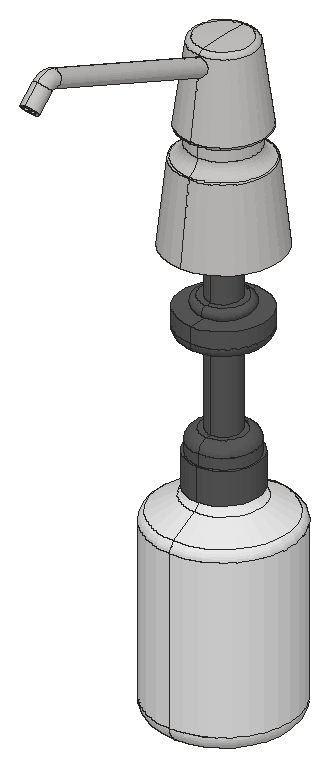
Revit family
Parameters (values of type "B-82316")
  Width = 2 9/16"
  Warranty Information = "3 Year Limited Warranty"
  URL = "http://www.bobrick.com/"
  Specification = "Top-fill counter-mounted manual foam soap dispenser shall dispense 7ml of foam using 0.5ml of commercially marketed foam soaps. Cover shall be constructed of durable die-cast zinc with bright polish finish. Spout assembly shall be type-304 stainless steel with bright polished finish. Dispenser shall be equipped with integrated funnel to facilitate re-filling of soap. Spout shall rotate 360° without damage to valve mechanism. Valve shall be operable with one hand and with less than 5 pounds of force (22.2 N) to comply with accessible design (including ADAAG in U.S.A.). Escutcheon shall lock to body with concealed locking mechanism that is opened with special key provided. Foam Dispensing assembly shall be removable from top for filling and maintenance. Shank shall accommodate mounting thicknesses up to 3'' (76mm). Translucent, shatter-resistant polyethylene container shall have a capacity of 20-fl oz (0.6-L)."
  Product Page URL = "http://www.bobrick.com/washroomaccessories/Pages/Products.aspx?Category%3dCounter-Mounted+Soap+Dispensers"
  Price = "Prices may vary. Please consult Manufacturer Representative for most up-to-date price list."  # constant formula
  Model = "B-82316"
  Material = "Stainless Steel-Bobrick-Polished"
  Manufacturer = "Bobrick Washroom Equipment, Inc"
  Length = 6"
  Installation Type = "Counter-Mounted"
  Height = 6 1/16"
  Description = "Bobrick Top-Fill Counter-Mounted Manual Foam Soap Dispenser"
  Default Elevation = 0"
  Creation Date = "1/12/2015"  # constant formula
  Assembly Code = "C1030210"
  ADA Compliant = yes
Reference planes (in)
  plane 1 "Center (Front/Back)": y = 0
  plane 2: z = 0
  plane 3 "Center (Left/Right)": x = 0
  plane 4: z = 4.5
  plane 5: y = -6
  plane 6: z = -10.1875
  plane 7: z = -3
  plane 8: y = -1.28125
  plane 9: y = 1.28125
  plane 10: z = -4
  plane 11: z = 6.0625
  plane 12: y = -1.625
  plane 13: y = 1.625
Forms (in)
  Revolve 1, solid, material "ABS Plastic-Bobrick-White"
    sketch origin (0, 0, 0) x (0, 1, 0) y (0, 0, 1)
      loop
        line (0, -10.1875) -> (1.25, -10.1875)
        arc (1.25, -10.1875) -> (1.51517, -10.07767) -> (1.625, -9.8125) r 0.375
        line (1.625, -9.8125) -> (1.625, -6.02555)
        arc (1.625, -6.02555) -> (1.59151, -5.90055) -> (1.5, -5.80904) r 0.25
        line (1.5, -5.80904) -> (0.87682, -5.44925)
        arc (0.87682, -5.44925) -> (0.76775, -5.36332) -> (0.6875, -5.25) r 0.48489
        line (0.6875, -5.25) -> (0.8125, -5.25) -> (0.8125, -4.5) -> (0.75, -4.5) -> (0.75, -4.25)
        arc (0.75, -4.25) -> (0.67678, -4.07322) -> (0.5, -4) r 0.25
        line (0.5, -4) -> (0.375, -4) -> (0.375, -2) -> (0.75, -2)
        arc (0.75, -2) -> (0.92678, -1.92678) -> (1, -1.75) r 0.25
        line (1, -1.75) -> (1, -1.375) -> (0.5253, -1.375)
        arc (0.5253, -1.375) -> (0.6503, -1.25) -> (0.5253, -1.125) r 0.125
        line (0.5253, -1.125) -> (0.375, -1.125) -> (0.375, 0) -> (0, 0) -> (0, -10.1875)
      axis (0, -10.1875) -> (0, 0)
    angle from 0 to 360
  Sweep 2, solid, material "Stainless Steel-Bobrick-Polished"
    path origin (0, 0.08781, -0.09162) x (0, 1, 0) y (0, 0, 1)
      loop
        line (-0.08781, 4.16054) -> (-5.1946, 6.12085)
        arc (-5.1946, 6.12085) -> (-5.46278, 6.1455) -> (-5.70431, 6.02639) r 0.49607
        line (-5.70431, 6.02639) -> (-6.08781, 5.68108)
    profile origin (0, -2.55339, 5.04908) x (0, -0.358368, -0.93358) y (1, 0, 0)
      loop
        circle (0.2, 0) r 0.2
      loop
        circle (0.2, 0) r 0.16875
  Revolve 3, solid, material "Stainless Steel-Bobrick-Polished"
    sketch origin (0, 0, 0) x (0, 1, 0) y (0, 0, 1)
      loop
        line (0, 0) -> (1.28125, 0) -> (1.06516, 1.84662)
        arc (1.06516, 1.84662) -> (1.05652, 1.86478) -> (1.0386, 1.87392) r 0.03125
        arc (1.0386, 1.87392) -> (0.8469, 1.9788) -> (0.77059, 2.18357) r 0.31289
        line (0.77059, 2.18357) -> (0.77059, 2.66749) -> (0.94727, 2.5625)
        arc (0.94727, 2.5625) -> (0.97085, 2.57325) -> (0.97822, 2.5981) r 0.03125
        line (0.97822, 2.5981) -> (0.72938, 4.36864)
        arc (0.72938, 4.36864) -> (0.69145, 4.4421) -> (0.61595, 4.47581) r 0.125
        arc (0.61595, 4.47581) -> (0.30824, 4.49494) -> (0, 4.50121) r 7.38964
        line (0, 4.50121) -> (0, 0)
      axis (0, 4.50121) -> (0, 0)
    angle from 0 to 360
Cuts and joins
  joined: Sweep 2, Revolve 3
Lines and regions (in)
  Masking region 1
    outline origin (0, 0, 0) x (0, 1, 0) y (0, 0, 1)
      loop
        line (0.375, 0) -> (1.28125, 0) -> (1.06516, 1.84662)
        arc (1.06516, 1.84662) -> (1.05652, 1.86478) -> (1.0386, 1.87392) r 0.03125
        arc (1.0386, 1.87392) -> (0.8469, 1.9788) -> (0.77059, 2.18357) r 0.31289
        line (0.77059, 2.18357) -> (0.77059, 2.5625) -> (0.94727, 2.5625)
        arc (0.94727, 2.5625) -> (0.97085, 2.57325) -> (0.97822, 2.5981) r 0.03125
        line (0.97822, 2.5981) -> (0.72938, 4.36864)
        arc (0.72938, 4.36864) -> (0.69145, 4.4421) -> (0.61595, 4.47581) r 0.125
        arc (0.61595, 4.47581) -> (0.00629, 4.50121) -> (-0.60339, 4.47622) r 7.38964
        arc (-0.60339, 4.47622) -> (-0.69387, 4.43975) -> (-0.73058, 4.34937) r 0.125
        line (-0.73058, 4.34937) -> (-5.10681, 6.02925)
        arc (-5.10681, 6.02925) -> (-5.37497, 6.05389) -> (-5.61648, 5.93479) r 0.49603
        line (-5.61648, 5.93479) -> (-6, 5.58946) -> (-5.73235, 5.29221) -> (-5.34897, 5.6374)
        arc (-5.34897, 5.6374) -> (-5.30206, 5.66053) -> (-5.24998, 5.65575) r 0.09634
        line (-5.24998, 5.65575) -> (-0.78915, 3.94339) -> (-0.97822, 2.5981)
        arc (-0.97822, 2.5981) -> (-0.97085, 2.57325) -> (-0.94727, 2.5625) r 0.03125
        line (-0.94727, 2.5625) -> (-0.77059, 2.5625) -> (-0.77059, 2.18357)
        arc (-0.77059, 2.18357) -> (-0.8469, 1.9788) -> (-1.0386, 1.87392) r 0.31289
        arc (-1.0386, 1.87392) -> (-1.05652, 1.86478) -> (-1.06516, 1.84662) r 0.03125
        line (-1.06516, 1.84662) -> (-1.28125, 0) -> (-0.375, 0) -> (-0.375, -1.125) -> (-0.5253, -1.125)
        arc (-0.5253, -1.125) -> (-0.6503, -1.25) -> (-0.5253, -1.375) r 0.125
        line (-0.5253, -1.375) -> (-1, -1.375) -> (-1, -1.75)
        arc (-1, -1.75) -> (-0.92678, -1.92678) -> (-0.75, -2) r 0.25
        line (-0.75, -2) -> (-0.375, -2) -> (-0.375, -4) -> (-0.5, -4)
        arc (-0.5, -4) -> (-0.67678, -4.07322) -> (-0.75, -4.25) r 0.25
        line (-0.75, -4.25) -> (-0.75, -4.5) -> (-0.8125, -4.5) -> (-0.8125, -5.25) -> (-0.6875, -5.25)
        arc (-0.6875, -5.25) -> (-0.76775, -5.36332) -> (-0.87682, -5.44925) r 0.48489
        line (-0.87682, -5.44925) -> (-1.5, -5.80904)
        arc (-1.5, -5.80904) -> (-1.59151, -5.90055) -> (-1.625, -6.02555) r 0.25
        line (-1.625, -6.02555) -> (-1.625, -9.8125)
        arc (-1.625, -9.8125) -> (-1.51517, -10.07767) -> (-1.25, -10.1875) r 0.375
        line (-1.25, -10.1875) -> (1.25, -10.1875)
        arc (1.25, -10.1875) -> (1.51517, -10.07767) -> (1.625, -9.8125) r 0.375
        line (1.625, -9.8125) -> (1.625, -6.02555)
        arc (1.625, -6.02555) -> (1.59151, -5.90055) -> (1.5, -5.80904) r 0.25
        line (1.5, -5.80904) -> (0.87682, -5.44925)
        arc (0.87682, -5.44925) -> (0.76775, -5.36332) -> (0.6875, -5.25) r 0.48489
        line (0.6875, -5.25) -> (0.8125, -5.25) -> (0.8125, -4.5) -> (0.75, -4.5) -> (0.75, -4.25)
        arc (0.75, -4.25) -> (0.67678, -4.07322) -> (0.5, -4) r 0.25
        line (0.5, -4) -> (0.375, -4) -> (0.375, -2) -> (0.75, -2)
        arc (0.75, -2) -> (0.92678, -1.92678) -> (1, -1.75) r 0.25
        line (1, -1.75) -> (1, -1.375) -> (0.5253, -1.375)
        arc (0.5253, -1.375) -> (0.6503, -1.25) -> (0.5253, -1.125) r 0.125
        line (0.5253, -1.125) -> (0.375, -1.125) -> (0.375, 0)
  Masking region 2
    outline origin (0, 0, 0) x (1, 0, 0) y (0, 1, 0)
      loop
        line (-0.2, -1.26554) -> (-0.2, -5.86617)
        spline (-0.2, -5.86617) -> (-0.19319, -5.90081) -> (-0.17321, -5.93309) -> (-0.14142, -5.9608) -> (-0.1, -5.98207) -> (-0.05176, -5.99544) -> (0, -6) -> (0.05176, -5.99544) -> (0.1, -5.98207) -> (0.14142, -5.9608) -> (0.17321, -5.93309) -> (0.19319, -5.90081) -> (0.2, -5.86617)
        line (0.2, -5.86617) -> (0.2, -1.26554)
        arc (0.2, -1.26554) -> (0, 1.28125) -> (-0.2, -1.26554) r 1.28125
  Masking region 3
    outline origin (0, 0, 0) x (1, 0, 0) y (0, 0, 1)
      loop
        arc (1.28125, -10.1875) -> (1.54642, -10.07767) -> (1.65625, -9.8125) r 0.375
        line (1.65625, -9.8125) -> (1.65625, -6.04359)
        arc (1.65625, -6.04359) -> (1.62276, -5.91859) -> (1.53125, -5.82709) r 0.25
        line (1.53125, -5.82709) -> (0.87682, -5.44925)
        arc (0.87682, -5.44925) -> (0.76775, -5.36332) -> (0.6875, -5.25) r 0.48489
        line (0.6875, -5.25) -> (0.8125, -5.25) -> (0.8125, -4.5) -> (0.75, -4.5) -> (0.75, -4.25)
        arc (0.75, -4.25) -> (0.67678, -4.07322) -> (0.5, -4) r 0.25
        line (0.5, -4) -> (0.375, -4) -> (0.375, -2) -> (0.75, -2)
        arc (0.75, -2) -> (0.92678, -1.92678) -> (1, -1.75) r 0.25
        line (1, -1.75) -> (1, -1.375) -> (0.5253, -1.375)
        arc (0.5253, -1.375) -> (0.6503, -1.25) -> (0.5253, -1.125) r 0.125
        line (0.5253, -1.125) -> (0.375, -1.125) -> (0.375, 0) -> (1.28125, 0) -> (1.06516, 1.84662)
        arc (1.06516, 1.84662) -> (1.05652, 1.86478) -> (1.0386, 1.87392) r 0.03125
        arc (1.0386, 1.87392) -> (0.8469, 1.9788) -> (0.77059, 2.18357) r 0.31289
        line (0.77059, 2.18357) -> (0.77059, 2.5625) -> (0.94727, 2.5625)
        arc (0.94727, 2.5625) -> (0.97085, 2.57325) -> (0.97822, 2.5981) r 0.03125
        line (0.97822, 2.5981) -> (0.80667, 3.8187) -> (0.72938, 4.36864)
        arc (0.72938, 4.36864) -> (0.68677, 4.4463) -> (0.60339, 4.47622) r 0.125
        arc (0.60339, 4.47622) -> (0.40185, 4.49007) -> (0.2, 4.4984) r 7.38964
        line (0.2, 4.4984) -> (0.2, 5.8625)
        arc (0.2, 5.8625) -> (0, 6.0625) -> (-0.2, 5.8625) r 0.2
        line (-0.2, 5.8625) -> (-0.2, 4.64357) -> (-0.2, 4.49861)
        arc (-0.2, 4.49861) -> (-0.40814, 4.49014) -> (-0.61595, 4.47581) r 7.38964
        arc (-0.61595, 4.47581) -> (-0.69145, 4.4421) -> (-0.72938, 4.36864) r 0.125
        line (-0.72938, 4.36864) -> (-0.97822, 2.5981)
        arc (-0.97822, 2.5981) -> (-0.97085, 2.57325) -> (-0.94727, 2.5625) r 0.03125
        line (-0.94727, 2.5625) -> (-0.77059, 2.5625) -> (-0.77059, 2.18357)
        arc (-0.77059, 2.18357) -> (-0.8469, 1.9788) -> (-1.0386, 1.87392) r 0.31289
        arc (-1.0386, 1.87392) -> (-1.05652, 1.86478) -> (-1.06516, 1.84662) r 0.03125
        line (-1.06516, 1.84662) -> (-1.28125, 0) -> (-0.375, 0) -> (-0.375, -1.125) -> (-0.5253, -1.125)
        arc (-0.5253, -1.125) -> (-0.6503, -1.25) -> (-0.5253, -1.375) r 0.125
        line (-0.5253, -1.375) -> (-1, -1.375) -> (-1, -1.75)
        arc (-1, -1.75) -> (-0.92678, -1.92678) -> (-0.75, -2) r 0.25
        line (-0.75, -2) -> (-0.375, -2) -> (-0.375, -4) -> (-0.5, -4)
        arc (-0.5, -4) -> (-0.67678, -4.07322) -> (-0.75, -4.25) r 0.25
        line (-0.75, -4.25) -> (-0.75, -4.5) -> (-0.8125, -4.5) -> (-0.8125, -5.25) -> (-0.6875, -5.25)
        arc (-0.6875, -5.25) -> (-0.76775, -5.36332) -> (-0.87682, -5.44925) r 0.48489
        line (-0.87682, -5.44925) -> (-1.53125, -5.82709)
        arc (-1.53125, -5.82709) -> (-1.62276, -5.91859) -> (-1.65625, -6.04359) r 0.25
        line (-1.65625, -6.04359) -> (-1.65625, -9.8125)
        arc (-1.65625, -9.8125) -> (-1.54642, -10.07767) -> (-1.28125, -10.1875) r 0.375
        line (-1.28125, -10.1875) -> (1.28125, -10.1875)
  symbolic lines, detail levels medium+fine
    curve 1: line (0, 0.77059, 2.5625) -> (0, -0.77059, 2.5625)
    curve 2: line (0, 0.375, 0) -> (0, -0.375, 0)
    curve 3: arc (0, -0.73058, 4.34937) -> (0, -0.71062, 4.13646) -> (0, -0.7885, 3.9373) r 0.46286
    curve 4: line (0, 0.5253, -1.375) -> (0, -0.5253, -1.375)
    curve 5: line (0, 0.375, -2) -> (0, -0.343, -2)
    curve 6: line (0, 0.4375, -4) -> (0, -0.40625, -4)
    curve 7: line (0, -0.6875, -5.25) -> (0, 0.6875, -5.25)
    curve 35: line (-0.2, -1.26554, 0) -> (-0.2, -0.72284, 0)
    curve 36: line (0.2, -1.26554, 0) -> (0.2, -0.72284, 0)
    curve 37: circle (0, 0, 0) r 0.75 normal (0, 0, 1)
    curve 38: spline (-0.2, 0, 5.44083) -> (-0.19319, 0, 5.40237) -> (-0.17321, 0, 5.36652) -> (-0.14142, 0, 5.33574) -> (-0.1, 0, 5.31212) -> (-0.05176, 0, 5.29727) -> (0, 0, 5.29221) -> (0.05176, 0, 5.29727) -> (0.1, 0, 5.31212) -> (0.14142, 0, 5.33574) -> (0.17321, 0, 5.36652) -> (0.19319, 0, 5.40237) -> (0.2, 0, 5.44083) -> (0.19319, 0, 5.4793) -> (0.17321, 0, 5.51515) -> (0.14142, 0, 5.54593) -> (0.1, 0, 5.56955) -> (0.05176, 0, 5.5844) -> (0, 0, 5.58946) -> (-0.05176, 0, 5.5844) -> (-0.1, 0, 5.56955) -> (-0.14142, 0, 5.54593) -> (-0.17321, 0, 5.51515) -> (-0.19319, 0, 5.4793) -> (-0.2, 0, 5.44083)
    curve 39: spline (-0.16875, 0, 5.44083) -> (-0.163, 0, 5.47329) -> (-0.14614, 0, 5.50354) -> (-0.11932, 0, 5.52951) -> (-0.08437, 0, 5.54944) -> (-0.04368, 0, 5.56197) -> (0, 0, 5.56624) -> (0.04368, 0, 5.56197) -> (0.08438, 0, 5.54944) -> (0.11932, 0, 5.52951) -> (0.14614, 0, 5.50354) -> (0.163, 0, 5.47329) -> (0.16875, 0, 5.44083) -> (0.163, 0, 5.40838) -> (0.14614, 0, 5.37813) -> (0.11932, 0, 5.35216) -> (0.08438, 0, 5.33223) -> (0.04368, 0, 5.3197) -> (0, 0, 5.31543) -> (-0.04368, 0, 5.3197) -> (-0.08437, 0, 5.33223) -> (-0.11932, 0, 5.35216) -> (-0.14614, 0, 5.37813) -> (-0.163, 0, 5.40838) -> (-0.16875, 0, 5.44083)
    curve 40: line (-0.19999, 0, 4.49869) -> (-0.19999, 0, 4.13612)
    curve 41: line (0.19999, 0, 4.49869) -> (0.19999, 0, 4.13612)
    curve 42: arc (-0.19999, 0, 4.13612) -> (0, 0, 3.93613) -> (0.19999, 0, 4.13612) r 0.19999
    curve 43: line (-0.77059, 0, 2.5625) -> (0.77059, 0, 2.5625)
    curve 44: line (-0.375, 0, 0) -> (0.375, 0, 0)
    curve 45: line (-0.5253, 0, -1.375) -> (0.5253, 0, -1.375)
    curve 46: line (0.375, 0, -2) -> (-0.375, 0, -2)
    curve 47: line (-0.40625, 0, -4) -> (0.40625, 0, -4)
    curve 48: line (-0.6875, 0, -5.25) -> (0.6875, 0, -5.25)
  symbolic lines, detail levels fine
    curve 8: line (0, 0.75, -4.5) -> (0, 0.4375, -4.5)
    curve 9: line (0, 0.375, -1.125) -> (0, -0.375, -1.125)
    curve 10: line (0, 1.0386, 1.87392) -> (0, -1.0386, 1.87392)
    curve 11: line (0, 0.625, -1.75) -> (0, 0.625, -1.40625)
    curve 12: arc (0, 0.375, -2) -> (0, 0.55178, -1.92678) -> (0, 0.625, -1.75) r 0.25
    curve 13: line (0, 0.593, -1.75) -> (0, 0.593, -1.40625)
    curve 14: arc (0, 0.343, -2) -> (0, 0.51978, -1.92678) -> (0, 0.593, -1.75) r 0.25
    curve 15: line (0, -0.625, -1.75) -> (0, -0.625, -1.40625)
    curve 16: line (0, -0.593, -1.75) -> (0, -0.593, -1.40625)
    curve 17: arc (0, -0.343, -2) -> (0, -0.51978, -1.92678) -> (0, -0.593, -1.75) r 0.25
    curve 18: arc (0, -0.375, -2) -> (0, -0.55178, -1.92678) -> (0, -0.625, -1.75) r 0.25
    curve 19: line (0, 0.01637, -2) -> (0, 0.01637, -1.40625)
    curve 20: line (0, -0.01563, -2) -> (0, -0.01563, -1.40625)
    curve 21: line (0, 1, -1.40625) -> (0, 0.625, -1.40625)
    curve 22: line (0, 0.4375, -4) -> (0, 0.4375, -4.5)
    curve 23: line (0, 0.40625, -4) -> (0, 0.40625, -4.5)
    curve 24: line (0, -0.4375, -4) -> (0, -0.4375, -4.5)
    curve 25: line (0, -0.40625, -4) -> (0, -0.40625, -4.5)
    curve 26: line (0, -0.0161, -4) -> (0, -0.0161, -4.5)
    curve 27: line (0, 0.01515, -4) -> (0, 0.01515, -4.5)
    curve 28: line (0, 0.40625, -4.5) -> (0, 0.01515, -4.5)
    curve 29: line (0, -0.0161, -4.5) -> (0, -0.40625, -4.5)
    curve 30: line (0, -0.4375, -4.5) -> (0, -0.75, -4.5)
    curve 31: line (0, 0.593, -1.40625) -> (0, 0.01637, -1.40625)
    curve 32: line (0, -0.01563, -1.40625) -> (0, -0.593, -1.40625)
    curve 33: line (0, -0.625, -1.40625) -> (0, -1, -1.40625)
    curve 34: arc (0.2, -0.9798, 0) -> (0, 1, 0) -> (-0.2, -0.9798, 0) r 1
    curve 49: line (-0.75, 0, -4.5) -> (-0.43825, 0, -4.5)
    curve 50: line (-1.0386, 0, 1.87392) -> (1.0386, 0, 1.87392)
    curve 51: line (-0.375, 0, -1.125) -> (0.375, 0, -1.125)
    curve 52: line (1, 0, -1.40625) -> (0.625, 0, -1.40625)
    curve 53: line (-0.625, 0, -1.40625) -> (-0.625, 0, -1.75)
    curve 54: arc (-0.625, 0, -1.75) -> (-0.55178, 0, -1.92678) -> (-0.375, 0, -2) r 0.25
    curve 55: line (-0.5927, 0, -1.40625) -> (-0.5927, 0, -1.75)
    curve 56: arc (-0.5927, 0, -1.75) -> (-0.51948, 0, -1.92678) -> (-0.3427, 0, -2) r 0.25
    curve 57: line (0.625, 0, -1.40625) -> (0.625, 0, -1.75)
    curve 58: arc (0.625, 0, -1.75) -> (0.55178, 0, -1.92678) -> (0.375, 0, -2) r 0.25
    curve 59: line (0.593, 0, -1.40625) -> (0.593, 0, -1.75)
    curve 60: arc (0.593, 0, -1.75) -> (0.51978, 0, -1.92678) -> (0.343, 0, -2) r 0.25
    curve 61: line (0.01552, 0, -1.40625) -> (0.01552, 0, -2)
    curve 62: line (-0.01648, 0, -1.40625) -> (-0.01648, 0, -2)
    curve 63: line (-0.625, 0, -1.40625) -> (-1, 0, -1.40625)
    curve 64: line (-0.01648, 0, -1.40625) -> (-0.5927, 0, -1.40625)
    curve 65: line (0.593, 0, -1.40625) -> (0.01552, 0, -1.40625)
    curve 66: line (0.01552, 0, -4) -> (0.01552, 0, -4.5)
    curve 67: line (-0.01648, 0, -4) -> (-0.01648, 0, -4.5)
    curve 68: line (-0.40625, 0, -4) -> (-0.40625, 0, -4.5)
    curve 69: line (-0.43825, 0, -4) -> (-0.43825, 0, -4.5)
    curve 70: line (0.40625, 0, -4) -> (0.40625, 0, -4.5)
    curve 71: line (0.43825, 0, -4) -> (0.43825, 0, -4.5)
    curve 72: line (-0.40625, 0, -4.5) -> (-0.01648, 0, -4.5)
    curve 73: line (0.01552, 0, -4.5) -> (0.40625, 0, -4.5)
    curve 74: line (0.43825, 0, -4.5) -> (0.75, 0, -4.5)
Dimensions and locks (in)
  "Length": plane 1 "Center (Front/Back)" to plane 5
  plane 4 to level to plane 6 = 4 1/2", 10 3/16"
  plane 6 to plane 10 = 6 3/16"
  "Width": plane 9 to plane 8
  "Height": plane 11 to level
  plane 13 to plane 12 = 3 1/4"
  aligned and locked: plane 5 to Sweep 2 sketch curve
Automatic sketch dimensions
  Revolve 1 sketch curve to plane 1 "Center (Front/Back)" = 0"  (x2)
  Revolve 1 sketch curve to plane 10 = 0"
  Revolve 1 sketch curve to level = 0"
  plane 6 to Revolve 1 sketch curve = 0"
  Revolve 1 sketch curve to plane 9 = 1/32"
  Revolve 1 sketch curve to plane 1 "Center (Front/Back)" = 3/8"  (x2)
  Revolve 1 sketch curve to Revolve 1 sketch curve = 1/8"  (x3)
  Revolve 1 sketch curve to Revolve 1 sketch curve = 0.1503"
  Revolve 1 sketch curve to Revolve 1 sketch curve = 0"  (x2)
  Revolve 1 sketch curve to plane 9 = 19/32"
  Revolve 1 sketch curve to Revolve 1 sketch curve = 1/4"  (x3)
  Revolve 1 sketch curve to Revolve 1 sketch curve = 3/8"  (x2)
  Revolve 1 sketch curve to Revolve 1 sketch curve = 0.06432"
  Revolve 1 sketch curve to plane 9 = 9/32"
  Revolve 1 sketch curve to plane 9 = 0.16199"
  plane 9 to Revolve 1 sketch curve = 3/32"
  Revolve 1 sketch curve to Revolve 1 sketch curve = 1.77555"
  Revolve 1 sketch curve to Revolve 1 sketch curve = 0.35979"
  Revolve 1 sketch curve to Revolve 1 sketch curve = 0.19925"
  plane 10 to Revolve 1 sketch curve = 0.39154"
  Revolve 1 sketch curve to plane 7 = 1"
  Sweep 2 sketch curve to Sweep 2 sketch curve = 0"  (x2)
  Sweep 2 sketch curve to plane 3 "Center (Left/Right)" = 0"
  Sweep 2 sketch curve to profile plane = 0.2"
  curve 24 to plane 10 = 0"
  curve 6 to plane 10 = 0"
  curve 2 to level = 0"
  curve 3 to plane 8 = 0.11227"
  curve 10 to plane 8 = 0.24265"
  curve 33 to plane 8 = 9/32"
  curve 3 to curve 3 = 0.38048"
  curve 1 to plane 8 = 0.51066"
  curve 30 to plane 8 = 17/32"
  curve 3 to plane 4 = 0.15063"
  curve 3 to curve 3 = 0.05791"
  curve 7 to plane 8 = 19/32"
  curve 33 to curve 18 = 3/8"
  curve 15 to curve 32 = 0.032"
  curve 16 to curve 4 = 0.0677"
  curve 30 to curve 30 = 5/16"
  curve 24 to curve 6 = 1/32"
  curve 16 to curve 18 = 0.218"
  plane 1 "Center (Front/Back)" to curve 2 = 3/8"
  curve 4 to curve 9 = 0.1503"
  curve 18 to curve 5 = 0.032"
  curve 18 to curve 17 = 0.032"
  plane 1 "Center (Front/Back)" to curve 26 = 0.0161"
  plane 1 "Center (Front/Back)" to curve 32 = 1/64"
  curve 28 to plane 1 "Center (Front/Back)" = 0.01515"
  curve 19 to plane 1 "Center (Front/Back)" = 0.01637"
  curve 19 to curve 14 = 0.32662"
  curve 9 to plane 1 "Center (Front/Back)" = 3/8"
  curve 14 to curve 12 = 0.032"
  curve 2 to plane 1 "Center (Front/Back)" = 3/8"
  curve 27 to curve 28 = 0.3911"
  curve 23 to curve 6 = 1/32"
  curve 9 to curve 4 = 0.1503"
  curve 4 to curve 13 = 0.0677"
  curve 13 to curve 11 = 0.032"
  curve 7 to plane 9 = 19/32"
  curve 8 to curve 8 = 5/16"
  curve 1 to plane 9 = 0.51066"
  curve 21 to plane 9 = 9/32"
  curve 10 to plane 9 = 0.24265"
  curve 8 to plane 10 = 1/2"
  curve 30 to plane 10 = 1/2"
  curve 24 to curve 29 = 0"
  curve 23 to curve 8 = 0"
  curve 7 to curve 8 = 3/4"
  curve 5 to plane 7 = 1"
  curve 18 to curve 5 = 0"
  curve 11 to curve 21 = 11/32"
  curve 13 to curve 11 = 0"
  curve 18 to curve 33 = 11/32"
  curve 15 to curve 16 = 0"
  curve 16 to curve 4 = 1/32"
  curve 4 to curve 9 = 1/4"
  level to curve 10 = 1.87392"
  curve 10 to curve 1 = 0.68858"
  curve 3 to curve 3 = 0.41207"
  plane 1 "Center (Front/Back)" to Masking region 2 sketch curve = 0"
  Masking region 2 sketch curve to plane 3 "Center (Left/Right)" = 0"
  Masking region 2 sketch curve to Masking region 2 sketch curve = 0.2"
  Masking region 2 sketch curve to plane 8 = 0.01571"
  Masking region 2 sketch curve to Masking region 2 sketch curve = 0"
  Masking region 2 sketch curve to plane 5 = 0.13383"
  curve 34 to curve 37 = 0"  (x2)
  plane 1 "Center (Front/Back)" to curve 37 = 0"
  curve 37 to plane 3 "Center (Left/Right)" = 0"
  curve 35 to plane 3 "Center (Left/Right)" = 0.2"
  curve 36 to plane 8 = 0.55841"
  curve 35 to curve 36 = 0"
  curve 36 to plane 8 = 0.01571"
  curve 35 to plane 8 = 0.01571"
  Revolve 3 sketch curve to level = 0"
  Revolve 3 sketch curve to plane 1 "Center (Front/Back)" = 0"  (x2)
  Revolve 3 sketch curve to plane 9 = 0"
  Revolve 3 sketch curve to plane 1 "Center (Front/Back)" = 0.0038"
  Revolve 3 sketch curve to plane 4 = 0.14876"
  Revolve 3 sketch curve to plane 1 "Center (Front/Back)" = 0.6056"
  Revolve 3 sketch curve to plane 4 = 0.02419"
  Revolve 3 sketch curve to Revolve 3 sketch curve = 0.01035"
  Revolve 3 sketch curve to Revolve 3 sketch curve = 0"  (x2)
  Revolve 3 sketch curve to plane 4 = 0.13136"
  Revolve 3 sketch curve to plane 9 = 0.51066"
  Revolve 3 sketch curve to Revolve 3 sketch curve = 0.17668"
  Revolve 3 sketch curve to Revolve 3 sketch curve = 0.03095"
  Revolve 3 sketch curve to plane 9 = 0.24713"
  Revolve 3 sketch curve to Revolve 3 sketch curve = 0.00448"
  Revolve 3 sketch curve to Revolve 3 sketch curve = 0.03104"
  Revolve 3 sketch curve to plane 9 = 0.19778"
  level to Revolve 3 sketch curve = 1.84299"
  Revolve 3 sketch curve to Revolve 3 sketch curve = 0.37893"
  Revolve 3 sketch curve to Revolve 3 sketch curve = 1/32"
  Revolve 3 sketch curve to Revolve 3 sketch curve = 0.07374"
  Revolve 3 sketch curve to Revolve 3 sketch curve = 0.59239"
  Revolve 3 sketch curve to Revolve 3 sketch curve = 0.46721"
  Masking region 3 sketch curve to Masking region 3 sketch curve = 0"  (x9)
  Masking region 3 sketch curve to plane 6 = 0"
  Masking region 3 sketch curve to level = 0"  (x2)
  Masking region 3 sketch curve to plane 10 = 0"  (x2)
  Masking region 3 sketch curve to plane 3 "Center (Left/Right)" = 0"
  Masking region 3 sketch curve to plane 3 "Center (Left/Right)" = 0.0038"
  Masking region 3 sketch curve to plane 3 "Center (Left/Right)" = 0.2"
  Masking region 3 sketch curve to plane 3 "Center (Left/Right)" = 3/8"  (x2)
  Masking region 3 sketch curve to Masking region 3 sketch curve = 1/8"  (x9)
  Masking region 3 sketch curve to Masking region 3 sketch curve = 0.1503"  (x2)
  Masking region 3 sketch curve to plane 4 = 0.14876"
  Masking region 3 sketch curve to Masking region 3 sketch curve = 0.4056"
  Masking region 3 sketch curve to plane 4 = 0.02419"
  Masking region 3 sketch curve to Masking region 3 sketch curve = 0.01035"
  Masking region 3 sketch curve to plane 3 "Center (Left/Right)" = 11/16"
  Masking region 3 sketch curve to plane 4 = 0.13136"  (x2)
  Masking region 3 sketch curve to Masking region 3 sketch curve = 1/4"  (x6)
  Masking region 3 sketch curve to Masking region 3 sketch curve = 0.2247"
  Masking region 3 sketch curve to plane 3 "Center (Left/Right)" = 0.77059"
  Masking region 3 sketch curve to Masking region 3 sketch curve = 0.06432"  (x2)
  Masking region 3 sketch curve to Masking region 3 sketch curve = 0.17668"  (x2)
  Masking region 3 sketch curve to Masking region 3 sketch curve = 0.03095"  (x2)
  Masking region 3 sketch curve to Masking region 3 sketch curve = 0.26353"  (x2)
  Masking region 3 sketch curve to Masking region 3 sketch curve = 0.00448"  (x2)
  Masking region 3 sketch curve to Masking region 3 sketch curve = 0.03104"  (x2)
  Masking region 3 sketch curve to Masking region 3 sketch curve = 0.04487"  (x2)
  Masking region 3 sketch curve to Masking region 3 sketch curve = 0.30676"  (x2)
  Masking region 3 sketch curve to Masking region 3 sketch curve = 29/32"  (x2)
  Masking region 3 sketch curve to plane 3 "Center (Left/Right)" = 1 9/32"
  Masking region 3 sketch curve to Masking region 3 sketch curve = 0.52943"  (x2)
  Masking region 3 sketch curve to plane 6 = 3/8"
  plane 3 "Center (Left/Right)" to Masking region 3 sketch curve = 3/8"  (x2)
  Masking region 3 sketch curve to plane 4 = 0.02378"
  Masking region 3 sketch curve to Masking region 3 sketch curve = 0.40339"
  Masking region 3 sketch curve to Masking region 3 sketch curve = 0.00221"
  plane 3 "Center (Left/Right)" to Masking region 3 sketch curve = 11/16"
  Masking region 3 sketch curve to Masking region 3 sketch curve = 0.12378"
  Masking region 3 sketch curve to Masking region 3 sketch curve = 3/8"  (x3)
  plane 3 "Center (Left/Right)" to Masking region 3 sketch curve = 0.77059"
  Masking region 3 sketch curve to Masking region 3 sketch curve = 0.07729"
  plane 3 "Center (Left/Right)" to Masking region 3 sketch curve = 1 9/32"
  Masking region 3 sketch curve to Masking region 3 sketch curve = 1.79359"  (x2)
  Masking region 3 sketch curve to Masking region 3 sketch curve = 0.37784"  (x2)
  Masking region 3 sketch curve to Masking region 3 sketch curve = 0.19925"  (x2)
  Masking region 3 sketch curve to plane 7 = 1"  (x2)
  level to Masking region 3 sketch curve = 1.84299"
  Masking region 3 sketch curve to Masking region 3 sketch curve = 0.34058"
  Masking region 3 sketch curve to Masking region 3 sketch curve = 0.37893"  (x2)
  Masking region 3 sketch curve to Masking region 3 sketch curve = 1/32"  (x2)
  Masking region 3 sketch curve to Masking region 3 sketch curve = 0.54994"
  plane 4 to Masking region 3 sketch curve = 0.14357"
  curve 69 to plane 10 = 0"
  curve 68 to plane 10 = 0"
  curve 44 to level = 0"
  curve 38 to plane 3 "Center (Left/Right)" = 0"
  curve 42 to plane 3 "Center (Left/Right)" = 0"
  curve 39 to plane 3 "Center (Left/Right)" = 0"
  curve 71 to plane 10 = 0"
  curve 64 to plane 3 "Center (Left/Right)" = 0.01648"
  curve 39 to curve 38 = 0.16875"
  curve 42 to plane 3 "Center (Left/Right)" = 0.19999"
  curve 38 to curve 39 = 1/32"
  curve 56 to plane 3 "Center (Left/Right)" = 0.3427"
  curve 46 to curve 56 = 0.0323"
  curve 44 to plane 3 "Center (Left/Right)" = 3/8"
  curve 51 to plane 3 "Center (Left/Right)" = 3/8"
  curve 47 to curve 67 = 0.38977"
  curve 45 to curve 51 = 0.1503"
  curve 64 to curve 45 = 0.0674"
  curve 63 to curve 55 = 0.0323"
  curve 48 to plane 3 "Center (Left/Right)" = 11/16"
  curve 49 to curve 69 = 0.31175"
  curve 43 to plane 3 "Center (Left/Right)" = 0.77059"
  curve 63 to curve 53 = 3/8"
  curve 50 to curve 43 = 0.26801"
  plane 3 "Center (Left/Right)" to curve 61 = 0.01552"
  curve 61 to curve 60 = 0.32748"
  plane 3 "Center (Left/Right)" to curve 44 = 3/8"
  curve 60 to curve 58 = 0.032"
  plane 3 "Center (Left/Right)" to curve 51 = 3/8"
  curve 66 to curve 70 = 0.39073"
  curve 51 to curve 45 = 0.1503"
  curve 58 to curve 59 = 0.218"
  curve 59 to curve 57 = 0.032"
  plane 3 "Center (Left/Right)" to curve 48 = 11/16"
  curve 71 to curve 74 = 0.31175"
  plane 3 "Center (Left/Right)" to curve 43 = 0.77059"
  curve 52 to curve 52 = 3/8"
  curve 43 to curve 50 = 0.26801"
  curve 74 to plane 10 = 1/2"
  curve 66 to curve 67 = 0"
  curve 62 to plane 7 = 1"
  curve 56 to curve 54 = 0"
  curve 56 to curve 55 = 11/32"
  curve 60 to curve 65 = 11/32"
  curve 57 to curve 59 = 0"
  curve 53 to curve 55 = 0"
  curve 59 to curve 45 = 1/32"
  curve 45 to curve 51 = 1/4"
  level to curve 50 = 1.87392"
  curve 50 to curve 43 = 0.68858"
  curve 42 to plane 4 = 0.36388"
  curve 40 to plane 4 = 0.00131"
  curve 41 to plane 4 = 0.00131"
  plane 4 to curve 39 = 0.94083"
  curve 38 to curve 39 = 0"
  curve 48 to curve 71 = 3/4"
  curve 49 to curve 68 = 11/32"
  curve 69 to curve 72 = 0"
  plane 3 "Center (Left/Right)" to curve 73 = 0.01552"
  curve 49 to plane 3 "Center (Left/Right)" = 3/4"
  curve 70 to curve 71 = 0.032"
  curve 73 to curve 71 = 0"
  Masking region 3 sketch curve to Masking region 3 sketch curve = 1.21893"
  Sweep 2 sketch curve to plane 1 "Center (Front/Back)" = 0"
  Sweep 2 sketch curve to plane 11 = 0.12773"
  Sweep 2 sketch curve to plane 5 = 0.3835"
  Sweep 2 sketch curve to Sweep 2 sketch curve = 0.33193"
  Sweep 2 sketch curve to plane 11 = 0.03326"
  Sweep 2 sketch curve to Sweep 2 sketch curve = 0.17778"
  Sweep 2 sketch curve to plane 4 = 0.43107"
  Sweep 2 sketch curve to plane 11 = 0.47304"
  Masking region 1 sketch curve to plane 5 = 0"
  Masking region 1 sketch curve to level = 0"  (x2)
  Masking region 1 sketch curve to plane 8 = 0"
  Masking region 1 sketch curve to plane 10 = 0"  (x2)
  Masking region 1 sketch curve to plane 9 = 0"
  Masking region 1 sketch curve to plane 5 = 0.26765"
  Masking region 1 sketch curve to plane 11 = 0.12771"
  Masking region 1 sketch curve to plane 5 = 0.38352"
  Masking region 1 sketch curve to Masking region 1 sketch curve = 0.26751"
  Masking region 1 sketch curve to Masking region 1 sketch curve = 0.0644"
  Masking region 1 sketch curve to Masking region 1 sketch curve = 0.00007"
  Masking region 1 sketch curve to Masking region 1 sketch curve = 0.03459"
  Masking region 1 sketch curve to plane 11 = 0.03325"
  Masking region 1 sketch curve to Masking region 1 sketch curve = 0.14317"
  plane 8 to Masking region 1 sketch curve = 3/32"
  Masking region 1 sketch curve to plane 8 = 1/32"
  Masking region 1 sketch curve to plane 8 = 0.16199"
  Masking region 1 sketch curve to plane 8 = 0.19778"
  Masking region 1 sketch curve to plane 8 = 0.21609"
  Masking region 1 sketch curve to Masking region 1 sketch curve = 0.02656"
  Masking region 1 sketch curve to Masking region 1 sketch curve = 0"  (x7)
  Masking region 1 sketch curve to Masking region 1 sketch curve = 0.00448"  (x2)
  Masking region 1 sketch curve to plane 8 = 9/32"
  Masking region 1 sketch curve to plane 8 = 0.30303"
  Masking region 1 sketch curve to Masking region 1 sketch curve = 0.03095"  (x2)
  Masking region 1 sketch curve to plane 8 = 0.40443"
  Masking region 1 sketch curve to plane 8 = 15/32"
  Masking region 1 sketch curve to plane 8 = 0.4921"
  Masking region 1 sketch curve to Masking region 1 sketch curve = 0.17668"  (x2)
  Masking region 1 sketch curve to Masking region 1 sketch curve = 1/4"  (x5)
  Masking region 1 sketch curve to Masking region 1 sketch curve = 1/16"  (x2)
  Masking region 1 sketch curve to plane 4 = 0.15063"
  Masking region 1 sketch curve to Masking region 1 sketch curve = 0.05856"
  Masking region 1 sketch curve to Masking region 1 sketch curve = 1/8"  (x5)
  Masking region 1 sketch curve to plane 4 = 0.02378"
  Masking region 1 sketch curve to Masking region 1 sketch curve = 0.00221"
  plane 1 "Center (Front/Back)" to Masking region 1 sketch curve = 0.5253"
  Masking region 1 sketch curve to Masking region 1 sketch curve = 0.1503"  (x2)
  plane 1 "Center (Front/Back)" to Masking region 1 sketch curve = 3/8"
  Masking region 1 sketch curve to plane 1 "Center (Front/Back)" = 0.0038"
  Masking region 1 sketch curve to plane 1 "Center (Front/Back)" = 3/8"  (x2)
  Masking region 1 sketch curve to plane 4 = 0.14876"
  Masking region 1 sketch curve to plane 1 "Center (Front/Back)" = 0.6056"
  Masking region 1 sketch curve to plane 4 = 0.02419"
  Masking region 1 sketch curve to Masking region 1 sketch curve = 0.01035"
  Masking region 1 sketch curve to plane 9 = 19/32"
  Masking region 1 sketch curve to plane 4 = 0.13136"
  Masking region 1 sketch curve to Masking region 1 sketch curve = 0.2247"
  Masking region 1 sketch curve to plane 9 = 0.51066"
  Masking region 1 sketch curve to Masking region 1 sketch curve = 0.06432"
  Masking region 1 sketch curve to plane 9 = 9/32"
  Masking region 1 sketch curve to plane 9 = 0.24713"
  Masking region 1 sketch curve to Masking region 1 sketch curve = 0.03104"
  Masking region 1 sketch curve to plane 9 = 0.19778"
  Masking region 1 sketch curve to plane 9 = 0.16199"
  Masking region 1 sketch curve to plane 9 = 1/32"
  plane 9 to Masking region 1 sketch curve = 3/32"
  Masking region 1 sketch curve to Masking region 1 sketch curve = 0.52932"  (x2)
  Masking region 1 sketch curve to Masking region 1 sketch curve = 0.22068"  (x2)
  Masking region 1 sketch curve to Masking region 1 sketch curve = 0.35979"  (x2)
  Masking region 1 sketch curve to plane 6 = 3/8"
  Masking region 1 sketch curve to Masking region 1 sketch curve = 0.88843"
  Masking region 1 sketch curve to Masking region 1 sketch curve = 3/8"  (x2)
  level to Masking region 1 sketch curve = 1.84299"
  Masking region 1 sketch curve to Masking region 1 sketch curve = 0.34058"
  Masking region 1 sketch curve to Masking region 1 sketch curve = 0.37893"  (x2)
  Masking region 1 sketch curve to Masking region 1 sketch curve = 1/32"  (x2)
  Masking region 1 sketch curve to Masking region 1 sketch curve = 0.40598"
  Masking region 1 sketch curve to Masking region 1 sketch curve = 0.27396"
  Masking region 1 sketch curve to Masking region 1 sketch curve = 0.00036"
  Masking region 1 sketch curve to plane 12 = 0"
  Masking region 1 sketch curve to plane 12 = 1/8"
  Revolve 1 sketch curve to plane 13 = 0"
  Revolve 1 sketch curve to plane 13 = 1/8"
  Masking region 1 sketch curve to plane 13 = 0"
  Masking region 1 sketch curve to plane 13 = 1/8"
  radius of Sweep 2 sketch curve = 0.2"
  radius of Sweep 2 sketch curve = 0.16875"
  radius of curve 34 = 1"
